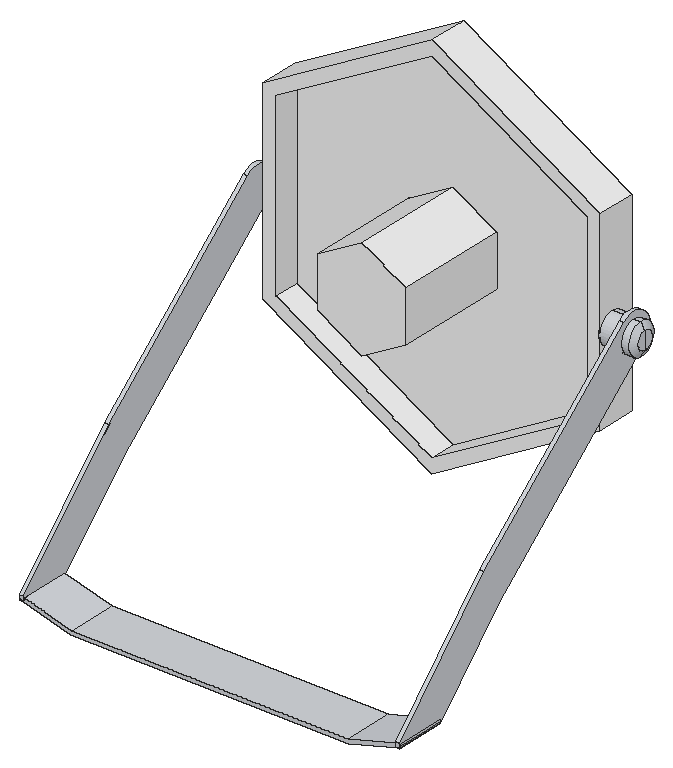
Revit family "Lighting-Floodlights-GEWISS-ESALITE-FL-LED_20K_DALI", category Apparecchi per illuminazione, host Superficie, Revit 2019
Family settings
  Host = Superficie
  Quota connettore circolare = Usa diametro
  Tipo di parte = Normale
  Taglio con vuoti quando caricato = No
  Sorgente d'illuminazione = Sì
  Condiviso = No
  Punto di calcolo locali = Sì
Parameters (values of type "GWS6445GD - ESALITE 20K ELL.4000K PRO+V.GR.DALI")
  staffa = none
  Weight (kg): = "9,5"
  Wattage = 9.2903 W
  Warranty = "5 years"
  Voltage = "220/240 V - 50/60 Hz"
  Versions = "4000K natural light"
  Version file RFA = "20.11"
  Variazione temperatura colore lampada con luminosità attenuata = (empty or 0)
  VISIBILITA' SIMBOLO [instance] = yes
  VISIBILITA' LAMPADA PIANTA-LATERALE [instance] = not(VISIBILITA' SIMBOLO)  # no
  VISIBILITA' ETICHETTA [instance] = yes
  V = 0 V
  URL = "https://www.gewiss.com/ww/en"
  built-in parameter 1150107 = 3200 (stored number, unit not read)
  Technical sheet = "https://www.gewiss.com/ww/en/search?q=GWS6445GD"
  System power = "148W"
  Spostamento_y_effettivo_ET [instance] = 4000 mm - Spostamento_y_ET  # 2119.2 mm
  Spostamento_y_ET [instance] = 1880.8 mm
  Spostamento_X_effettivo_ET [instance] = 4000 mm - Spostamento_X_ET  # 3850.612 mm
  Spostamento_X_ET [instance] = 149.388 mm
  Shock resistance = "IK08"
  Shield type = "Tempered glass"
  SEO = "Floodlight"
  Realized by GEWISS S.p.A. = ""
  Default Elevation = 1219.2 mm
  Produttore = "GEWISS S.p.A."
  Potenza di sitema = "Wxxx"
  built-in parameter 1150110 = 1 (stored number, unit not read)
  built-in parameter 1150109 = 1 (stored number, unit not read)
  built-in parameter 1114218 = 1 (stored number, unit not read)
  built-in parameter 1150112 = 1 (stored number, unit not read)
  Overvoltage resistance : = "Common mode: 8KV; Differential mode: 6KV"
  Optic = "Elliptical"
  Operating temperature: = "-30 +50 °C"
  Numero poli = 1
  Nominal flux (lm) = "20000"
  Modello = "GWS6445GD"
  built-in parameter 1150137 = (empty or 0)
  built-in parameter 1150132 = (empty or 0)
  Lumen output (lm) = "15800"
  Life time L90B10 (Tq 50Â°C) = "49000H"
  Life time L90B10 (Tq 25Â°C) = "100000H"
  Lamp = "LED - Not replaceable"
  LED current. = "0,7A"
  built-in parameter 1150105 = 109.82 (stored number, unit not read)
  built-in parameter 1150102 = (empty or 0)
  Insulation class = "I"
  Immagine tipo = ESALITE_FL.jpg
  built-in parameter 1150106 = 1.0982 (stored number, unit not read)
  IP degree = "IP66"
  IDT = "004a6af8eacc4455a9f3b8bb677cfc2d"
  IDF = "78a9ccb8-0bf7-4465-9611-fc90ba9dccba"
  Lumens = 1380 lm
  Color Filter = 16777215
  File diagramma fotometrico = "GWS6445GD.IES"
  built-in parameter 1114217 = 1 (stored number, unit not read)
  built-in parameter 1150139 = (empty or 0)
  Emetti da lunghezza linea = 20 mm
  Electrocod = "2444"
  Efficiency class of integrated LEDs = "A ÷ A++"
  built-in parameter 1150104 = 13.8 (stored number, unit not read)
  Driver type = "Driver Led Dali"
  built-in parameter 1150115 = 1 (stored number, unit not read)
  built-in parameter 1150114 = 1 (stored number, unit not read)
  built-in parameter 1150113 = 1 (stored number, unit not read)
  Descrizione = "ESALITE 20K ELL.4000K PRO+V.GR.DALI"
  Colour temperature: = "4000 K (CRI>80)"
  Colour = "Grey RAL 9006"
  built-in parameter 1150134 = 3
  built-in parameter 1150138 = (empty or 0)
  Catalogue Range = "ESALITE FL - 20K"
  Catalogue = "LIGHTING"
  COBie.Tagnumber = ""
  COBie.CreatedOn = ""
  COBie.CreatebBy = ""
  COBie.ComponentRegisterItemID = ""
  COBie.Component.TagNumber = ""
  COBie.Component.Space = ""
  COBie.Component.SerialNumber = ""
  COBie.Component.InstallationDate = ""
  COBie.Component.Description = ""
  COBie.Component.BarCode = ""
  Application = "Indoor / Outdoor"
  Tilt Angle = -90.00°
  built-in parameter 1150133 = 10 (stored number, unit not read)
Types (12, lengths in mm): name | Versions | Technical sheet | Spostamento_X_effettivo_ET | Spostamento_X_ET | Optic | Nominal flux (lm) | Modello | Lumen output (lm) | IDT | File diagramma fotometrico | Descrizione | Colour temperature:
  GWS6442GD - ESALITE 20K 30° 4000K PRO+V.GR.DALI | "4000K natural light" | "https://www.gewiss.com/ww/en/search?q=GWS6442GD" | 3850.612 | 149.388 | "30°" | "20000" | "GWS6442GD" | "15500" | "74fe7ec8ca5a4c288f741cfc2e151036" | "GWS6442GD.IES" | "ESALITE 20K 30° 4000K PRO+V.GR.DALI" | "4000 K (CRI>80)"
  GWS6442GD30K - ESALITE 20K 30° 3000K PRO+V.GR.DALI | "3000K warm light" | "https://www.gewiss.com/ww/en/search?q=GWS6442GD30K" | 3850.612 | 149.388 | "30°" | "18000" | "GWS6442GD30K" | "14400" | "7f19f35416a249f3a85deb445c0de3ca" | "GWS6442GD30K.IES" | "ESALITE 20K 30° 3000K PRO+V.GR.DALI" | "3000 K (CRI>80)"
  GWS6442GD57K - ESALITE 20K 30° 5700K PRO+V.GR.DALI | "5700K cold light" | "https://www.gewiss.com/ww/en/search?q=GWS6442GD57K" | 3850.612 | 149.388 | "30°" | "20000" | "GWS6442GD57K" | "15500" | "c21faea3f7894c688b282fc82b51f47a" | "GWS6442GD57K.IES" | "ESALITE 20K 30° 5700K PRO+V.GR.DALI" | "5700 K (CRI>80)"
  GWS6443GD - ESALITE 20K 60° 4000K PRO+V.GR.DALI | "4000K natural light" | "https://www.gewiss.com/ww/en/search?q=GWS6443GD" | 3850.612 | 149.388 | "60°" | "20000" | "GWS6443GD" | "15800" | "01c9b2f5c7f74ef19ea6e6f2c101dc17" | "GWS6443GD.IES" | "ESALITE 20K 60° 4000K PRO+V.GR.DALI" | "4000 K (CRI>80)"
  GWS6443GD30K - ESALITE 20K 60° 3000K PRO+V.GR.DALI | "3000K warm light" | "https://www.gewiss.com/ww/en/search?q=GWS6443GD30K" | 3850.612 | 149.388 | "60°" | "18000" | "GWS6443GD30K" | "14700" | "a70aa061fa674172b8527b0303c9c38c" | "GWS6443GD30K.IES" | "ESALITE 20K 60° 3000K PRO+V.GR.DALI" | "3000 K (CRI>80)"
  GWS6443GD57K - ESALITE 20K 60° 5700K PRO+V.GR.DALI | "5700K cold light" | "https://www.gewiss.com/ww/en/search?q=GWS6443GD57K" | 3850.612 | 149.388 | "60°" | "20000" | "GWS6443GD57K" | "15800" | "46456be7e51143a8af5f3f8d8a186571" | "GWS6443GD57K.IES" | "ESALITE 20K 60° 5700K PRO+V.GR.DALI" | "5700 K (CRI>80)"
  GWS6444GD - ESALITE 20K 90° 4000K PRO+V.GR.DALI | "4000K natural light" | "https://www.gewiss.com/ww/en/search?q=GWS6444GD" | 3850.612 | 149.388 | "90°" | "20000" | "GWS6444GD" | "16800" | "1ffc7ff741934a15a4a6779e2344e6b0" | "GWS6444GD.IES" | "ESALITE 20K 90° 4000K PRO+V.GR.DALI" | "4000 K (CRI>80)"
  GWS6444GD30K - ESALITE 20K 90° 3000K PRO+V.GR.DALI | "3000K warm light" | "https://www.gewiss.com/ww/en/search?q=GWS6444GD30K" | 3850.612 | 149.388 | "90°" | "18000" | "GWS6444GD30K" | "15600" | "3ee9650593be4f9d86db4c814fd3f921" | "GWS6444GD30K.IES" | "ESALITE 20K 90° 3000K PRO+V.GR.DALI" | "3000 K (CRI>80)"
  GWS6444GD57K - ESALITE 20K 90° 5700K PRO+V.GR.DALI | "5700K cold light" | "https://www.gewiss.com/ww/en/search?q=GWS6444GD57K" | 3850.612 | 149.388 | "90°" | "20000" | "GWS6444GD57K" | "16800" | "1e055781162a4bc1baae4b47b064ab99" | "GWS6444GD57K.IES" | "ESALITE 20K 90° 5700K PRO+V.GR.DALI" | "5700 K (CRI>80)"
  GWS6445GD - ESALITE 20K ELL.4000K PRO+V.GR.DALI | "4000K natural light" | "https://www.gewiss.com/ww/en/search?q=GWS6445GD" | 3850.612 | 149.388 | "Elliptical" | "20000" | "GWS6445GD" | "15800" | "004a6af8eacc4455a9f3b8bb677cfc2d" | "GWS6445GD.IES" | "ESALITE 20K ELL.4000K PRO+V.GR.DALI" | "4000 K (CRI>80)"
  GWS6445GD30K - ESALITE 20K ELL.3000K PRO+V.GR.DALI | "3000K warm light" | "https://www.gewiss.com/ww/en/search?q=GWS6445GD30K" | 3850.612 | 149.388 | "Elliptical" | "18000" | "GWS6445GD30K" | "14700" | "938e920e7c9246f9860fee6eda662362" | "GWS6445GD30K.IES" | "ESALITE 20K ELL.3000K PRO+V.GR.DALI" | "3000 K (CRI>80)"
  GWS6445GD57K - ESALITE 20K ELL.5700K PRO+V.GR.DALI | "5700K cold light" | "https://www.gewiss.com/ww/en/search?q=GWS6445GD57K" | 3850.6 | 149.4 | "Elliptical" | "20000" | "GWS6445GD57K" | "15800" | "c50ac844bd9248d5ac477fd712a3836e" | "GWS6445GD57K.IES" | "ESALITE 20K ELL.5700K PRO+V.GR.DALI" | "5700 K (CRI>80)"
Reference planes
  plane 1 "Centro (Fronte/Retro)": y = 0
  plane 2: z = 0
  plane 3 "Centro (Sinistra/Destra)": x = 0
  plane 4: z = 123
  plane 5: x = 0
  plane 6: x = -3850.612
  plane 7: y = -2119.2
  plane 8: y = 0
  plane 9: through (-1779.2, -702.001, 1219.2) normal (0.4695, 0.8829, 0)
  plane 10: through (203.705, -1575.119, 1219.2) normal (-0.866, 0.5, 0)
  plane 11: x = -235.613
  plane 12: x = 230.804
  plane 13: y = 188.046
  plane 14: y = -188.046
  plane 15: x = 235.613
  plane 16: x = -287.654
  plane 17: z = 285.229
Forms (mm)
  Extrusion 1, solid, material <- "staffa"
    sketch origin (80, 0, 0) x (0, 1, 0) y (0, 0, -1)
      loop
        arc (165.701, -304.396) -> (196.85, -301.627) -> (194.11, -270.474) r 22.123
        line (194.11, -270.474) -> (-9.063, -99.991) -> (-92.184, -15.381) -> (-147.703, -15.381) -> (-147.703, -20.3) -> (-29.601, -140.518) -> (165.701, -304.396)
    from 287.654 to 292.463
  Extrusion 2, solid, material <- "staffa"
    sketch origin (0, 0, 0) x (1, 0, 0) y (0, 0, 1)
      loop
        line (-210.907, 15.044) -> (-155.301, 0) -> (155.629, 0) -> (211.236, 15.044)
        arc (211.236, 15.044) -> (212.133, 15.646) -> (212.479, 16.669) r 1.683
        line (212.479, 16.669) -> (212.479, 19.259) -> (207.67, 19.259) -> (154.261, 4.809) -> (-153.932, 4.809) -> (-207.341, 19.259) -> (-212.151, 19.259) -> (-212.151, 16.669)
        arc (-212.151, 16.669) -> (-211.804, 15.646) -> (-210.907, 15.044) r 1.683
    from 92.231 to 147.703
  Revolve 3, solid, not visible
    sketch origin (80, 179.315, 13.188) x (1, 0, 0) y (0, 0, 1)
      loop
        line (-304.219, 272.041) -> (-304.219, 262.041) -> (-299.896, 254.554) -> (-266.552, 254.554) -> (-266.552, 272.041) -> (-304.219, 272.041)
      axis (-304.219, 272.041) -> (-266.552, 272.041)
    angle from 0 to 360
  Revolve 4, solid
    sketch origin (-78.734, 179.315, 13.188) x (-1, 0, 0) y (0, 0, -1)
      loop
        line (-304.219, -272.041) -> (-266.552, -272.041) -> (-266.552, -254.554) -> (-299.896, -254.554) -> (-304.219, -262.041) -> (-304.219, -272.041)
      axis (-304.219, -272.041) -> (-266.552, -272.041)
    angle from 0 to 360
  Extrusion 5, solid, material <- "staffa"
    sketch origin (-80, 0, 0) x (0, 1, 0) y (0, 0, 1)
      loop
        line (165.701, 304.396) -> (-29.601, 140.518) -> (-147.703, 20.3) -> (-147.703, 15.381) -> (-92.184, 15.381) -> (-9.063, 99.991) -> (194.11, 270.474)
        arc (194.11, 270.474) -> (196.85, 301.627) -> (165.701, 304.396) r 22.123
    from 287.654 to 292.463
Text (mm)
  text "B-A=C" at (-2005.323, -1167.131, 0), in view "Livello rif."
  text "D+A-C=B" at (1746.792, 582.509, 0), in view "Livello rif."
Dimensions and locks
  "Spostamento_X_effettivo_ET": plane 6 to plane 5
  plane 6 to plane 3 "Centro (Sinistra/Destra)" = 3850.612 mm
  "Spostamento_y_effettivo_ET": plane 8 to plane 7
  plane 1 "Centro (Fronte/Retro)" to plane 7 = 2119.2 mm
  plane 11 to plane 12 = 466.417 mm
  plane 13 to plane 14 = 376.092 mm
  plane 12 to plane 15 = 4.809 mm
  plane 12 to plane 5 to plane 11 = 230.804 mm, 235.613 mm
  equal spacing: plane 11, plane 3 "Centro (Sinistra/Destra)", plane 15
  angle plane 9 to plane 7 = 28.00°
  angle plane 7 to plane 6 = 90.00°
  aligned and locked: plane 2 to host face
  aligned and locked: level to host face
  aligned and locked: plane 3 "Centro (Sinistra/Destra)" to imposter light
  aligned and locked: plane 5 to nested 1
  aligned and locked: nested 1 to plane 8
  aligned and locked: plane 5 to nested 5
  aligned and locked: plane 17 to nested 6
  aligned and locked: nested 6 to nested 2
  aligned and locked: plane 5 to nested 7
  aligned and locked: nested 8 to plane 2
  aligned and locked: nested 8 to nested 2
Automatic sketch dimensions
  host sketch curve to host sketch curve = 2438.4 mm  (x2)
  level to Extrusion 1 sketch curve = 15.381 mm
  plane 14 to Extrusion 1 sketch curve = 40.343 mm
  Extrusion 1 sketch curve to Extrusion 1 sketch curve = 55.519 mm
  plane 1 "Centro (Fronte/Retro)" to Extrusion 1 sketch curve = 29.601 mm
  plane 1 "Centro (Fronte/Retro)" to Extrusion 1 sketch curve = 9.063 mm
  Extrusion 1 sketch curve to plane 13 = 22.346 mm
  Extrusion 1 sketch curve to plane 17 = 2.193 mm
  Extrusion 1 sketch curve to plane 13 = 8.156 mm
  Extrusion 1 sketch curve to plane 17 = 19.167 mm
  Extrusion 1 sketch curve to plane 4 = 17.518 mm
  plane 4 to Extrusion 1 sketch curve = 23.009 mm
  Extrusion 1 sketch curve to Extrusion 1 sketch curve = 4.919 mm
  plane 13 to Extrusion 1 sketch curve = 6.064 mm
  Extrusion 1 sketch curve to Extrusion 1 sketch curve = 0 mm  (x2)
  plane 16 to Extrusion 2 sketch curve = 80.312 mm
  Extrusion 2 sketch curve to level = 0 mm
  plane 11 to Extrusion 2 sketch curve = 80.312 mm
  plane 16 to Extrusion 2 sketch curve = 77.186 mm
  Extrusion 2 sketch curve to Extrusion 2 sketch curve = 0.44 mm
  Extrusion 2 sketch curve to Extrusion 2 sketch curve = 1.683 mm
  plane 11 to Extrusion 2 sketch curve = 81.681 mm
  level to Extrusion 2 sketch curve = 4.809 mm
  Extrusion 2 sketch curve to plane 12 = 76.543 mm
  Extrusion 2 sketch curve to Extrusion 2 sketch curve = 1.369 mm
  Extrusion 2 sketch curve to plane 12 = 23.134 mm
  plane 15 to Extrusion 2 sketch curve = 24.817 mm
  plane 15 to Extrusion 2 sketch curve = 24.377 mm
  plane 15 to Extrusion 2 sketch curve = 23.134 mm
  level to Extrusion 2 sketch curve = 15.044 mm  (x2)
  Extrusion 2 sketch curve to Extrusion 2 sketch curve = 2.59 mm  (x2)
  Revolve 3 sketch curve to plane 17 = 0 mm  (x2)
  plane 11 to Revolve 3 sketch curve = 11.394 mm
  Revolve 3 sketch curve to Revolve 3 sketch curve = 4.323 mm
  Revolve 3 sketch curve to Revolve 3 sketch curve = 33.345 mm
  plane 17 to Revolve 3 sketch curve = 10 mm
  plane 17 to Revolve 3 sketch curve = 17.487 mm
  Revolve 3 sketch curve to Revolve 3 sketch curve = 0 mm  (x2)
  Revolve 4 sketch curve to plane 17 = 0 mm  (x2)
  Revolve 4 sketch curve to plane 12 = 5.319 mm
  Revolve 4 sketch curve to Revolve 4 sketch curve = 4.323 mm
  Revolve 4 sketch curve to Revolve 4 sketch curve = 33.345 mm
  plane 17 to Revolve 4 sketch curve = 10 mm
  Revolve 4 sketch curve to Revolve 4 sketch curve = 7.487 mm
  Revolve 4 sketch curve to Revolve 4 sketch curve = 0 mm  (x2)
  level to Extrusion 5 sketch curve = 15.381 mm
  plane 14 to Extrusion 5 sketch curve = 40.343 mm
  Extrusion 5 sketch curve to Extrusion 5 sketch curve = 55.519 mm
  plane 1 "Centro (Fronte/Retro)" to Extrusion 5 sketch curve = 29.601 mm
  plane 1 "Centro (Fronte/Retro)" to Extrusion 5 sketch curve = 9.063 mm
  Extrusion 5 sketch curve to plane 13 = 22.346 mm
  Extrusion 5 sketch curve to plane 17 = 2.193 mm
  Extrusion 5 sketch curve to plane 13 = 8.156 mm
  Extrusion 5 sketch curve to Extrusion 5 sketch curve = 4.919 mm
  plane 4 to Extrusion 5 sketch curve = 23.009 mm
  Extrusion 5 sketch curve to plane 4 = 17.518 mm
  Extrusion 5 sketch curve to plane 17 = 19.167 mm
  plane 13 to Extrusion 5 sketch curve = 6.064 mm
  Extrusion 5 sketch curve to Extrusion 5 sketch curve = 0 mm  (x2)
Nested families
  nested 1: "etichetta Potenza Lampada" at (0, 0, 0), visible <- "VISIBILITA' ETICHETTA", type "etichetta Potenza Lampada"
  nested 2: "ESALITE FL 20K PROIETTORE_BASE" at (0, 10, 297.451) x (0, 0, 1) z (0, 1, 0), type "ESALITE FL 20K PROIETTORE_BASE"
  nested 3: "SIMB_2D" at (0, 65, 0), visible <- "VISIBILITA' SIMBOLO", type "SIMB_2D"
  nested 4: "SIMB_2D" at (0, 0, 298.451) x (1, 0, 0) z (0, -1, 0), visible <- "VISIBILITA' SIMBOLO", type "SIMB_2D"
  nested 5: "FL_20k_front" at (0, 0, 0) x (1, 0, 0) z (0, -1, 0), visible <- "VISIBILITA' LAMPADA PIANTA-LATERALE", type "FL_20k_front"
  nested 6: "SIMB_2D" at (0, 95.461, 285.229) x (0, 1, 0) z (1, 0, 0), visible <- "VISIBILITA' SIMBOLO", type "SIMB_2D"
  nested 7: "Dal basso - FL" at (0, 49.748, 0), visible <- "VISIBILITA' LAMPADA PIANTA-LATERALE", type "Dal basso - FL"
  nested 8: "Laterale - FL" at (0, 164.69, 0) x (0, 1, 0) z (1, 0, 0), visible <- "VISIBILITA' LAMPADA PIANTA-LATERALE", type "Laterale - FL"
Connectors
  electrical at (-0.185, 65, 297.509), driven by "V", driven by "Numero poli"
    settings: on nested 2, index 1, voltage 0 V, apparent load 0 VA, apparent load phase1 0 VA, apparent load phase2 0 VA, apparent load phase3 0 VA, power factor 1, load classification "Illuminazione", number of poles 1, system type 31, power factor state 1, is connector primary yes, connector utility no, sub classification motor no, connector description ""
Definition of nested family "ESALITE FL 20K PROIETTORE_BASE"
  Parameters (values of type "ESALITE FL 20K PROIETTORE_BASE")
    Schermatura interna = none
    Default Elevation = 1219.2 mm
    LED = none
    Corpo luce = none
  Reference planes
    plane 1 "Centro (Fronte/Retro)": y = 0
    plane 2: z = 0
    plane 3 "Centro (Sinistra/Destra)": x = 0
    plane 4: x = -145.163
    plane 5: x = 145.28
    plane 6: y = 126.226
    plane 7: y = -125.856
    plane 8: y = 55.469
    plane 9: y = -55.099
    plane 10: x = -63.671
    plane 11: x = 63.788
    plane 12: y = -123.856
    plane 13: y = 124.226
    plane 14: y = -112.535
    plane 15: y = 112.905
    plane 16: y = -22
    plane 17: y = 22
    plane 18: y = -108.017
    plane 19: y = 108.387
    plane 20: through (-28.293, 49.29, 1200) normal (0.866, -0.5, 0)
    plane 21: y = 49.29
    plane 22: through (28.409, 49.29, 1200) normal (0.866, 0.5, 0)
    plane 23: through (28.409, -48.92, 1200) normal (-0.866, 0.5, 0)
    plane 24: y = -48.92
    plane 25: through (-56.644, 0.185, 1200) normal (0.866, 0.5, 0)
    plane 26: through (-31.86, 55.469, 1200) normal (0.866, -0.5, 0)
    plane 27: through (-63.778, 0.185, 1200) normal (0.866, 0.5, 0)
    plane 28: y = -55.099
    plane 29: through (63.894, 0.185, 1200) normal (0.866, -0.5, 0)
    plane 30: through (63.894, 0.185, 1200) normal (-0.866, -0.5, 0)
    plane 31: y = 55.469
    plane 32: z = 123.439
    plane 33: through (-65.51, 1.185, 1200) normal (-0.866, 0.5, 0)
    plane 34: through (-33.592, -56.099, 1200) normal (-0.866, -0.5, 0)
    plane 35: through (-65.51, 1.185, 1200) normal (-0.866, 0.5, 0)
    plane 36: y = 57.469
    plane 37: through (33.708, 56.469, 1200) normal (0.866, 0.5, 0)
    plane 38: through (65.626, -0.815, 1200) normal (0.866, -0.5, 0)
    plane 39: y = -57.099
    plane 40: y = -1
    plane 41: y = 1
    plane 42: x = -1
    plane 43: x = 0
    plane 44: y = 105.387
    plane 45: y = -105.017
    plane 46: z = 130
    plane 47: y = -103.017
    plane 48: y = 103.387
    plane 49: x = 1
    plane 50: through (-108.857, 187.546, 1200) normal (0.866, -0.5, 0)
    plane 51: y = 188.046
    plane 52: y = 174.478
    plane 53: through (-101.456, 173.228, 1200) normal (0.866, -0.5, 0)
    plane 54: through (-216.848, -0.5, 1200) normal (0.866, 0.5, 0)
    plane 55: through (-200.748, -1.25, 1200) normal (0.866, 0.5, 0)
    plane 56: y = -188.046
    plane 57: y = -174.478
    plane 58: y = 188.046
    plane 59: y = 174.478
    plane 60: through (200.748, 1.25, 1200) normal (-0.866, -0.5, 0)
    plane 61: through (216.848, 0.5, 1200) normal (-0.866, -0.5, 0)
    plane 62: through (108.857, -187.546, 1200) normal (-0.866, 0.5, 0)
    plane 63: through (101.456, -173.228, 1200) normal (-0.866, 0.5, 0)
    plane 64: z = 89
    plane 65: z = 134
    plane 66: z = 108.133
    plane 67: z = 123.439
    plane 68: z = 117.439
    plane 69: z = 128.439
    plane 70: z = 27.205
    plane 71: z = 152.205
    plane 72: z = 197.205
    plane 73: z = 199.205
    plane 74: z = 192.205
    plane 75: z = 182.205
    plane 76: z = 187.205
    plane 77: z = 184.113
  Forms (mm)
    Extrusion 1, solid, material <- "Corpo luce"
      sketch origin (0, 0, 0) x (1, 0, 0) y (0, 1, 0)
        loop
          line (-28.293, 49.29) -> (-56.644, 0.185) -> (-28.293, -48.92) -> (28.409, -48.92) -> (56.76, 0.185) -> (28.409, 49.29) -> (-28.293, 49.29)
      from 199.205 to 55
    Extrusion 2, solid, material <- "Corpo luce"
      sketch origin (0, 0, 0) x (1, 0, 0) y (0, 1, 0)
        loop
          line (108.568, -188.046) -> (217.137, 0) -> (108.568, 188.046) -> (-108.568, 188.046) -> (-217.137, 0) -> (-108.568, -188.046) -> (108.568, -188.046)
        loop
          line (100.735, -174.478) -> (201.47, 0) -> (100.735, 174.478) -> (-100.735, 174.478) -> (-201.47, 0) -> (-100.735, -174.478) -> (100.735, -174.478)
      from 152.205 to 197.205
    Extrusion 3, solid, material <- "Corpo luce"
      sketch origin (0, 0, 0) x (1, 0, 0) y (0, 1, 0)
        loop
          line (-201.47, 0) -> (-100.735, -174.478) -> (100.735, -174.478) -> (201.47, 0) -> (100.735, 174.478) -> (-100.735, 174.478) -> (-201.47, 0)
        loop
          line (-28.293, 49.29) -> (-56.644, 0.185) -> (-28.293, -48.92) -> (28.409, -48.92) -> (56.76, 0.185) -> (28.409, 49.29) -> (-28.293, 49.29)
      from 182.205 to 192.205
    Extrusion 4, void
      sketch origin (0, 0, 0) x (1, 0, 0) y (0, 1, 0)
        loop
          line (-100.597, 148.72) -> (-179.094, 12.76)
          arc (-179.094, 12.76) -> (-179.103, 5.255) -> (-172.606, 1.5) r 7.499
          line (-172.606, 1.5) -> (-96.117, 1.5)
          arc (-96.117, 1.5) -> (-93.617, 2.17) -> (-91.787, 4) r 4.999
          line (-91.787, 4) -> (-49.357, 77.49)
          arc (-49.357, 77.49) -> (-48.687, 79.99) -> (-49.357, 82.49) r 4.999
          line (-49.357, 82.49) -> (-87.608, 148.742)
          arc (-87.608, 148.742) -> (-94.109, 152.481) -> (-100.597, 148.72) r 7.499
        loop
          line (78.51, 161.48) -> (-78.51, 161.48)
          arc (-78.51, 161.48) -> (-85.001, 157.736) -> (-85.01, 150.242) r 7.499
          line (-85.01, 150.242) -> (-46.759, 83.99)
          arc (-46.759, 83.99) -> (-44.93, 82.16) -> (-42.43, 81.49) r 4.999
          line (-42.43, 81.49) -> (42.43, 81.49)
          arc (42.43, 81.49) -> (44.93, 82.16) -> (46.759, 83.99) r 4.999
          line (46.759, 83.99) -> (84.998, 150.22)
          arc (84.998, 150.22) -> (85.007, 157.725) -> (78.51, 161.48) r 7.499
        loop
          arc (49.357, 82.49) -> (48.687, 79.99) -> (49.357, 77.49) r 4.999
          line (49.357, 77.49) -> (91.787, 4)
          arc (91.787, 4) -> (93.617, 2.17) -> (96.117, 1.5) r 4.999
          line (96.117, 1.5) -> (172.606, 1.5)
          arc (172.606, 1.5) -> (179.103, 5.255) -> (179.094, 12.76) r 7.499
          line (179.094, 12.76) -> (100.597, 148.72)
          arc (100.597, 148.72) -> (94.109, 152.481) -> (87.608, 148.742) r 7.499
          line (87.608, 148.742) -> (49.357, 82.49)
        loop
          line (49.357, -82.489) -> (87.608, -148.742)
          arc (87.608, -148.742) -> (94.109, -152.48) -> (100.597, -148.72) r 7.499
          line (100.597, -148.72) -> (179.094, -12.759)
          arc (179.094, -12.759) -> (179.103, -5.255) -> (172.606, -1.5) r 7.499
          line (172.606, -1.5) -> (96.117, -1.5)
          arc (96.117, -1.5) -> (93.617, -2.169) -> (91.787, -3.999) r 4.999
          line (91.787, -3.999) -> (49.357, -77.49)
          arc (49.357, -77.49) -> (48.687, -79.99) -> (49.357, -82.489) r 4.999
        loop
          arc (-42.43, -81.489) -> (-44.93, -82.159) -> (-46.759, -83.989) r 4.999
          line (-46.759, -83.989) -> (-85.01, -150.242)
          arc (-85.01, -150.242) -> (-85.001, -157.735) -> (-78.51, -161.479) r 7.499
          line (-78.51, -161.479) -> (78.51, -161.479)
          arc (78.51, -161.479) -> (85.007, -157.724) -> (84.998, -150.22) r 7.499
          line (84.998, -150.22) -> (46.759, -83.989)
          arc (46.759, -83.989) -> (44.93, -82.159) -> (42.43, -81.489) r 4.999
          line (42.43, -81.489) -> (-42.43, -81.489)
        loop
          arc (-91.787, -3.999) -> (-93.617, -2.169) -> (-96.117, -1.5) r 4.999
          line (-96.117, -1.5) -> (-172.606, -1.5)
          arc (-172.606, -1.5) -> (-179.097, -5.244) -> (-179.107, -12.737) r 7.499
          line (-179.107, -12.737) -> (-100.584, -148.742)
          arc (-100.584, -148.742) -> (-94.096, -152.48) -> (-87.608, -148.742) r 7.499
          line (-87.608, -148.742) -> (-49.357, -82.489)
          arc (-49.357, -82.489) -> (-48.687, -79.99) -> (-49.357, -77.49) r 4.999
          line (-49.357, -77.49) -> (-91.787, -3.999)
      from 187.205 to 192.205
  Cuts and joins
    Extrusion 4 cuts Extrusion 3
  Lines and regions (mm)
    symbolic lines
      curve 1: line (0, 188.046, 0) -> (0, 193.046, 0)
  Dimensions and locks
    locked: plane 6 to plane 13 at 2
    locked: plane 7 to plane 12 at 2
    locked: plane 15 to plane 13 at 11.321
    locked: plane 12 to plane 14 at 11.321
    plane 4 to plane 5 = 290.443 mm
    plane 7 to plane 6 = 252.082 mm
    Extrusion 1 to plane 70 = 172 mm
    plane 72 to plane 71 = 45 mm
    locked: plane 72 to plane 74 at 5
    locked: plane 74 to plane 75 at 10
    locked: plane 74 to plane 76 at 5
    locked: plane 76 to plane 77 at 3.092
    aligned and locked: level to plane 2
    aligned and locked: Extrusion 1 to plane 73
    aligned and locked: Extrusion 2 to plane 72
    aligned and locked: plane 71 to Extrusion 2
    aligned and locked: Extrusion 3 to plane 74
    aligned and locked: Extrusion 3 to plane 75
    aligned and locked: Extrusion 3 to Extrusion 4
    aligned and locked: plane 76 to Extrusion 4
Definition of nested family "etichetta Potenza Lampada"
  Parameters (values of type "etichetta Potenza Lampada")
    potenza lampada = "Wxxx"
  Reference planes
    plane 1: y = 0
    plane 2: x = 0
  Text (mm)
    label "QE" at (0.073, -0.194, 0), shows "potenza lampada"
Definition of nested family "SIMB_2D"
  Reference planes
    plane 1 "Centro (Fronte/Retro)": y = 0
    plane 2: z = 0
    plane 3 "Centro (Sinistra/Destra)": x = 0
  Lines and regions (mm)
    detail lines, in view "Livello rif."
      curve 1: arc (111.745, -162.105, 0) -> (147.531, -0.161, 0) -> (111.745, 161.783, 0) r 384.317
      curve 2: arc (-22.999, -120.963, 0) -> (41.867, -149.74, 0) -> (111.745, -162.105, 0) r 293.432
      curve 3: arc (-22.999, 120.641, 0) -> (-85.303, -0.161, 0) -> (-22.999, -120.963, 0) r 148.264
      curve 4: arc (111.745, 161.783, 0) -> (41.867, 149.419, 0) -> (-22.999, 120.641, 0) r 293.432
      curve 5: line (111.745, 161.783, 0) -> (111.745, -162.105, 0)
      curve 6: line (64.515, -43.176, 0) -> (-21.885, -0.161, 0)
      curve 7: line (-21.885, -0.161, 0) -> (64.515, 43.371, 0)
      curve 8: line (64.515, 43.371, 0) -> (64.515, -43.176, 0)
      curve 9: line (-21.885, 43.113, 0) -> (-21.885, -43.434, 0)
      curve 10: line (-21.885, -0.161, 0) -> (-72.406, -0.161, 0)
      curve 11: line (64.515, 0.098, 0) -> (101.821, 0.098, 0)
Definition of nested family "FL_20k_front"
  Reference planes
    plane 1 "Centro (Fronte/Retro)": y = 0
    plane 2: z = 0
    plane 3 "Centro (Sinistra/Destra)": x = 0
  Lines and regions (mm)
    detail lines, in view "Livello rif."
      curve 1: line (-1.455, 533.77, 0) -> (-188.321, 425.882, 0)
      curve 2: arc (-188.321, 425.882, 0) -> (-188.681, 425.517, 0) -> (-188.812, 425.022, 0) r 0.999
      curve 3: line (-188.812, 425.022, 0) -> (-188.812, 209.258, 0)
      curve 4: arc (-188.812, 209.258, 0) -> (-188.681, 208.763, 0) -> (-188.321, 208.398, 0) r 0.999
      curve 5: line (-188.321, 208.398, 0) -> (-1.455, 100.51, 0)
      curve 6: arc (-1.455, 100.51, 0) -> (-0.955, 100.377, 0) -> (-0.456, 100.51, 0) r 0.999
      curve 7: line (-0.456, 100.51, 0) -> (186.41, 208.398, 0)
      curve 8: arc (186.41, 208.398, 0) -> (186.77, 208.763, 0) -> (186.901, 209.258, 0) r 0.999
      curve 9: line (186.901, 209.258, 0) -> (186.901, 425.022, 0)
      curve 10: arc (186.901, 425.022, 0) -> (186.765, 425.526, 0) -> (186.393, 425.892, 0) r 0.999
      curve 11: line (186.393, 425.892, 0) -> (-0.456, 533.77, 0)
      curve 12: arc (-0.456, 533.769, 0) -> (-0.955, 533.903, 0) -> (-1.455, 533.77, 0) r 0.999
      curve 13: line (-174.009, 215.786, 0) -> (-2.213, 116.599, 0)
      curve 14: arc (-2.213, 116.599, 0) -> (-0.956, 116.259, 0) -> (0.302, 116.599, 0) r 2.497
      curve 15: line (0.302, 116.599, 0) -> (172.098, 215.786, 0)
      curve 16: arc (172.098, 215.786, 0) -> (173.012, 216.7, 0) -> (173.347, 217.948, 0) r 2.497
      curve 17: line (173.347, 217.948, 0) -> (173.347, 416.332, 0)
      curve 18: arc (173.347, 416.332, 0) -> (173.012, 417.58, 0) -> (172.098, 418.494, 0) r 2.497
      curve 19: line (172.098, 418.494, 0) -> (0.302, 517.681, 0)
      curve 20: arc (0.302, 517.681, 0) -> (-0.956, 518.02, 0) -> (-2.213, 517.681, 0) r 2.497
      curve 21: line (-2.213, 517.681, 0) -> (-174.009, 418.494, 0)
      curve 22: arc (-174.009, 418.494, 0) -> (-174.923, 417.58, 0) -> (-175.258, 416.332, 0) r 2.497
      curve 23: line (-175.258, 416.332, 0) -> (-175.258, 217.948, 0)
      curve 24: arc (-175.258, 217.948, 0) -> (-174.923, 216.7, 0) -> (-174.009, 215.786, 0) r 2.497
      curve 25: line (-162.272, 395.571, 0) -> (-162.272, 238.709, 0)
      curve 26: arc (-162.272, 238.709, 0) -> (-158.513, 232.214, 0) -> (-151.008, 232.237, 0) r 7.491
      curve 27: line (-151.008, 232.237, 0) -> (-84.842, 270.438, 0)
      curve 28: arc (-84.842, 270.438, 0) -> (-83.027, 272.265, 0) -> (-82.363, 274.753, 0) r 4.994
      curve 29: line (-82.363, 274.753, 0) -> (-82.363, 359.527, 0)
      curve 30: arc (-82.363, 359.527, 0) -> (-83.027, 362.015, 0) -> (-84.842, 363.842, 0) r 4.994
      curve 31: line (-84.842, 363.842, 0) -> (-151.008, 402.043, 0)
      curve 32: arc (-151.008, 402.043, 0) -> (-158.513, 402.066, 0) -> (-162.272, 395.571, 0) r 7.491
      curve 33: line (-78.368, 267.833, 0) -> (-4.933, 225.435, 0)
      curve 34: arc (-4.933, 225.435, 0) -> (-3.118, 223.608, 0) -> (-2.454, 221.12, 0) r 4.994
      curve 35: line (-2.454, 221.12, 0) -> (-2.454, 144.708, 0)
      curve 36: arc (-2.454, 144.708, 0) -> (-6.2, 138.22, 0) -> (-13.691, 138.22, 0) r 7.491
      curve 37: line (-13.691, 138.22, 0) -> (-149.537, 216.651, 0)
      curve 38: arc (-149.537, 216.651, 0) -> (-153.283, 223.154, 0) -> (-149.51, 229.642, 0) r 7.491
      curve 39: line (-149.51, 229.642, 0) -> (-83.362, 267.833, 0)
      curve 40: arc (-83.362, 267.832, 0) -> (-80.865, 268.502, 0) -> (-78.368, 267.832, 0) r 4.994
      curve 41: line (-4.969, 408.824, 0) -> (-78.368, 366.447, 0)
      curve 42: arc (-78.368, 366.447, 0) -> (-80.865, 365.778, 0) -> (-83.362, 366.447, 0) r 4.994
      curve 43: line (-83.362, 366.447, 0) -> (-149.563, 404.669, 0)
      curve 44: arc (-149.563, 404.669, 0) -> (-153.283, 411.157, 0) -> (-149.537, 417.629, 0) r 7.491
      curve 45: line (-149.537, 417.629, 0) -> (-13.691, 496.06, 0)
      curve 46: arc (-13.691, 496.06, 0) -> (-6.2, 496.06, 0) -> (-2.454, 489.572, 0) r 7.491
      curve 47: line (-2.454, 489.572, 0) -> (-2.454, 413.16, 0)
      curve 48: arc (-2.454, 413.16, 0) -> (-3.128, 410.654, 0) -> (-4.969, 408.824, 0) r 4.994
      curve 49: line (147.626, 417.629, 0) -> (11.78, 496.06, 0)
      curve 50: arc (11.78, 496.06, 0) -> (4.289, 496.06, 0) -> (0.543, 489.572, 0) r 7.491
      curve 51: line (0.543, 489.572, 0) -> (0.543, 413.16, 0)
      curve 52: arc (0.543, 413.16, 0) -> (1.217, 410.654, 0) -> (3.058, 408.824, 0) r 4.994
      curve 53: line (3.058, 408.824, 0) -> (76.457, 366.447, 0)
      curve 54: arc (76.457, 366.447, 0) -> (78.954, 365.778, 0) -> (81.451, 366.447, 0) r 4.994
      curve 55: line (81.451, 366.447, 0) -> (147.652, 404.669, 0)
      curve 56: arc (147.652, 404.669, 0) -> (151.372, 411.157, 0) -> (147.626, 417.629, 0) r 7.491
      curve 57: line (82.931, 363.842, 0) -> (149.097, 402.043, 0)
      curve 58: arc (149.097, 402.043, 0) -> (156.602, 402.066, 0) -> (160.361, 395.571, 0) r 7.491
      curve 59: line (160.361, 395.571, 0) -> (160.361, 238.709, 0)
      curve 60: arc (160.361, 238.709, 0) -> (156.602, 232.214, 0) -> (149.097, 232.237, 0) r 7.491
      curve 61: line (149.097, 232.237, 0) -> (82.931, 270.438, 0)
      curve 62: arc (82.931, 270.438, 0) -> (81.116, 272.265, 0) -> (80.452, 274.753, 0) r 4.994
      curve 63: line (80.452, 274.753, 0) -> (80.452, 359.527, 0)
      curve 64: arc (80.452, 359.527, 0) -> (81.116, 362.015, 0) -> (82.931, 363.842, 0) r 4.994
      curve 65: line (-190.74, 317.39, 0) -> (-213.215, 317.39, 0)
      curve 66: line (-190.74, 281.93, 0) -> (-190.74, 317.39, 0)
      curve 67: line (-190.74, 281.93, 0) -> (-213.215, 281.93, 0)
      curve 68: line (-213.215, 281.93, 0) -> (-213.215, 317.39, 0)
      curve 69: line (-216.211, 317.639, 0) -> (-223.781, 317.639, 0)
      curve 70: line (-223.781, 317.639, 0) -> (-227.998, 310.336, 0)
      curve 71: line (-227.998, 310.336, 0) -> (-227.998, 288.972, 0)
      curve 72: line (-227.998, 288.972, 0) -> (-223.932, 281.93, 0)
      curve 73: line (-223.932, 281.93, 0) -> (-216.211, 281.93, 0)
      curve 74: line (-216.211, 317.639, 0) -> (-216.211, 66.856, 0)
      curve 75: line (-216.211, 66.856, 0) -> (-149.355, 0, 0)
      curve 76: line (-149.355, 0, 0) -> (149.355, 0, 0)
      curve 77: line (-213.211, 317.639, 0) -> (-213.211, 68.099, 0)
      curve 78: line (-213.211, 68.099, 0) -> (-148.112, 3, 0)
      curve 79: line (-148.112, 3, 0) -> (148.112, 3, 0)
      curve 80: line (216.211, 317.639, 0) -> (216.211, 66.856, 0)
      curve 81: line (216.211, 66.856, 0) -> (149.355, 0, 0)
      curve 82: line (213.211, 317.639, 0) -> (213.211, 68.099, 0)
      curve 83: line (213.211, 68.099, 0) -> (148.112, 3, 0)
      curve 84: line (190.74, 317.39, 0) -> (213.215, 317.39, 0)
      curve 85: line (190.74, 281.93, 0) -> (190.74, 317.39, 0)
      curve 86: line (190.74, 281.93, 0) -> (213.215, 281.93, 0)
      curve 87: line (213.215, 281.93, 0) -> (213.215, 317.39, 0)
      curve 88: line (216.211, 317.639, 0) -> (223.781, 317.639, 0)
      curve 89: line (223.781, 317.639, 0) -> (227.998, 310.336, 0)
      curve 90: line (227.998, 310.336, 0) -> (227.998, 288.972, 0)
      curve 91: line (227.998, 288.972, 0) -> (223.932, 281.93, 0)
      curve 92: line (223.932, 281.93, 0) -> (216.211, 281.93, 0)
      curve 93: line (78.368, 267.833, 0) -> (4.933, 225.435, 0)
      curve 94: arc (4.933, 225.435, 0) -> (3.118, 223.608, 0) -> (2.454, 221.12, 0) r 4.994
      curve 95: line (2.454, 221.12, 0) -> (2.454, 144.708, 0)
      curve 96: arc (2.454, 144.708, 0) -> (6.2, 138.22, 0) -> (13.691, 138.22, 0) r 7.491
      curve 97: line (13.691, 138.22, 0) -> (149.537, 216.651, 0)
      curve 98: arc (149.537, 216.651, 0) -> (153.283, 223.154, 0) -> (149.51, 229.642, 0) r 7.491
      curve 99: line (149.51, 229.642, 0) -> (83.362, 267.833, 0)
      curve 100: arc (83.362, 267.832, 0) -> (80.865, 268.502, 0) -> (78.368, 267.832, 0) r 4.994
Definition of nested family "Dal basso - FL"
  Reference planes
    plane 1 "Centro (Fronte/Retro)": y = 0
    plane 2: z = 0
    plane 3 "Centro (Sinistra/Destra)": x = 0
  Lines and regions (mm)
    detail lines, in view "Livello rif."
      curve 1: arc (-0.027, 61.897, 0) -> (13.195, 62.033, 0) -> (26.411, 62.456, 0) r 608.279
      curve 2: arc (-26.412, 62.456, 0) -> (-13.222, 62.033, 0) -> (-0.027, 61.897, 0) r 608.273
      curve 3: arc (-187.362, 149.403, 0) -> (-187.357, 149.32, 0) -> (-187.345, 149.239, 0) r 0.974
      curve 4: arc (-26.422, 62.752, 0) -> (-26.601, 64.172, 0) -> (-27.031, 65.537, 0) r 8
      curve 5: arc (-5.142, 55.946, 0) -> (0, 55.274, 0) -> (5.142, 55.946, 0) r 20
      curve 6: arc (-1.069, 0, 0) -> (0, -0.025, 0) -> (1.069, 0, 0) r 22.5
      curve 7: arc (-209, 146.475, 0) -> (-208.707, 145.768, 0) -> (-208, 145.475, 0) r 1
      curve 8: line (211.762, 67.69, 0) -> (211.961, 67.773, 0)
      curve 9: line (211.961, 67.773, 0) -> (212.133, 67.868, 0)
      curve 10: line (212.133, 67.868, 0) -> (212.263, 67.962, 0)
      curve 11: line (213.656, 17.527, 0) -> (213.977, 17.655, 0)
      curve 12: line (213.977, 17.655, 0) -> (214.273, 17.794, 0)
      curve 13: line (214.273, 17.794, 0) -> (214.527, 17.936, 0)
      curve 14: line (214.527, 17.936, 0) -> (214.754, 18.087, 0)
      curve 15: line (214.754, 18.087, 0) -> (214.942, 18.235, 0)
      curve 16: line (214.942, 18.235, 0) -> (215.104, 18.39, 0)
      curve 17: line (215.104, 18.39, 0) -> (215.232, 18.539, 0)
      curve 18: line (215.232, 18.539, 0) -> (215.335, 18.692, 0)
      curve 19: line (215.335, 18.692, 0) -> (215.41, 18.839, 0)
      curve 20: line (215.462, 18.987, 0) -> (215.5, 19.262, 0)
      curve 21: line (-26.383, 61.637, 0) -> (-26.411, 62.456, 0)
      curve 22: line (-26.411, 62.456, 0) -> (-26.423, 62.777, 0)
      curve 23: line (5.142, 55.946, 0) -> (26.383, 61.637, 0)
      curve 24: line (-5.142, 55.946, 0) -> (-26.383, 61.637, 0)
      curve 25: line (-26.383, 61.637, 0) -> (-25.755, 43.659, 0)
      curve 26: line (-209, 146.475, 0) -> (-209, 148.092, 0)
      curve 27: line (-209, 148.092, 0) -> (-209, 148.344, 0)
      curve 28: line (-209, 148.344, 0) -> (-209, 152.975, 0)
      curve 29: line (-209, 152.975, 0) -> (-212, 152.975, 0)
      curve 30: line (-212, 152.975, 0) -> (-212, 148.827, 0)
      curve 31: line (-212, 148.827, 0) -> (-212.5, 148.827, 0)
      curve 32: line (-208, 145.475, 0) -> (-207, 145.475, 0)
      curve 33: line (-207, 145.475, 0) -> (-205, 145.475, 0)
      curve 34: line (-205, 145.475, 0) -> (-190, 145.475, 0)
      curve 35: line (-190, 145.475, 0) -> (-190, 118.475, 0)
      curve 36: line (-190, 118.475, 0) -> (-190, 117.964, 0)
      curve 37: line (-190, 117.964, 0) -> (-181.155, 117.964, 0)
      curve 38: line (-178.632, 113.327, 0) -> (-205, 113.327, 0)
      curve 39: line (-205, 113.327, 0) -> (-207, 113.327, 0)
      curve 40: line (-207, 113.327, 0) -> (-212, 113.327, 0)
      curve 41: line (-212, 113.327, 0) -> (-212.5, 113.327, 0)
      curve 42: line (-223.085, 112.475, 0) -> (-215.5, 112.475, 0)
      curve 43: line (-215.5, 112.475, 0) -> (-223.085, 112.475, 0)
      curve 44: line (-223.085, 112.475, 0) -> (-227.3, 119.777, 0)
      curve 45: line (-227.3, 119.777, 0) -> (-227.3, 141.175, 0)
      curve 46: line (-227.3, 141.175, 0) -> (-223.085, 148.475, 0)
      curve 47: line (-223.085, 148.475, 0) -> (-215.5, 148.475, 0)
      curve 48: line (-226.483, 142.587, 0) -> (-224.9, 145.33, 0)
      curve 49: line (-225.006, 145.132, 0) -> (-226.342, 142.813, 0)
      curve 50: line (-145.737, 43.659, 0) -> (145.737, 43.659, 0)
      curve 51: line (212.5, 67.959, 0) -> (145.737, 43.659, 0)
      curve 52: line (-165.5, 0, 0) -> (165.5, 0, 0)
      curve 53: line (215.5, 18.198, 0) -> (165.5, 0, 0)
      curve 54: line (215.5, 18.198, 0) -> (215.5, 68.384, 0)
      curve 55: line (215.5, 68.384, 0) -> (215.5, 150.475, 0)
      curve 56: line (212.5, 149.268, 0) -> (212.5, 67.959, 0)
      curve 57: line (-212.5, 67.959, 0) -> (-145.737, 43.659, 0)
      curve 58: line (-212.5, 67.959, 0) -> (-212.5, 150.475, 0)
      curve 59: line (-212.5, 150.475, 0) -> (-215.5, 150.475, 0)
      curve 60: line (-215.5, 150.475, 0) -> (-215.5, 68.384, 0)
      curve 61: line (-215.5, 68.384, 0) -> (-215.5, 18.198, 0)
      curve 62: line (-215.5, 18.198, 0) -> (-165.5, 0, 0)
      curve 63: line (-188.394, 189.81, 0) -> (188.394, 189.81, 0)
      curve 64: line (188.394, 189.81, 0) -> (188.394, 148.56, 0)
      curve 65: line (-188.394, 189.81, 0) -> (-188.394, 148.852, 0)
      curve 66: line (-80.012, 72.329, 0) -> (-157.75, 91.219, 0)
      curve 67: arc (-157.75, 91.219, 0) -> (-180.257, 116.215, 0) -> (-188.394, 148.852, 0) r 69.518
      curve 68: line (-80.012, 72.329, 0) -> (-27.031, 65.537, 0)
      curve 69: line (-188.393, 148.516, 0) -> (188.394, 148.516, 0)
      curve 70: line (80.012, 72.329, 0) -> (157.75, 91.219, 0)
      curve 71: arc (157.75, 91.219, 0) -> (180.257, 116.215, 0) -> (188.394, 148.852, 0) r 69.518
      curve 72: arc (209, 146.475, 0) -> (208.707, 145.768, 0) -> (208, 145.475, 0) r 1
      curve 73: line (209, 146.475, 0) -> (209, 148.092, 0)
      curve 74: line (209, 148.092, 0) -> (209, 148.344, 0)
      curve 75: line (209, 148.344, 0) -> (209, 152.975, 0)
      curve 76: line (209, 152.975, 0) -> (212, 152.975, 0)
      curve 77: line (212, 152.975, 0) -> (212, 148.827, 0)
      curve 78: line (212, 148.827, 0) -> (212.5, 148.827, 0)
      curve 79: line (208, 145.475, 0) -> (207, 145.475, 0)
      curve 80: line (207, 145.475, 0) -> (205, 145.475, 0)
      curve 81: line (205, 145.475, 0) -> (190, 145.475, 0)
      curve 82: line (190, 145.475, 0) -> (190, 118.475, 0)
      curve 83: line (190, 118.475, 0) -> (190, 117.964, 0)
      curve 84: line (190, 117.964, 0) -> (181.155, 117.964, 0)
      curve 85: line (178.632, 113.327, 0) -> (205, 113.327, 0)
      curve 86: line (205, 113.327, 0) -> (207, 113.327, 0)
      curve 87: line (207, 113.327, 0) -> (212, 113.327, 0)
      curve 88: line (212, 113.327, 0) -> (212.5, 113.327, 0)
      curve 89: line (223.085, 112.475, 0) -> (215.5, 112.475, 0)
      curve 90: line (215.5, 112.475, 0) -> (223.085, 112.475, 0)
      curve 91: line (223.085, 112.475, 0) -> (227.3, 119.777, 0)
      curve 92: line (227.3, 119.777, 0) -> (227.3, 141.175, 0)
      curve 93: line (227.3, 141.175, 0) -> (223.085, 148.475, 0)
      curve 94: line (223.085, 148.475, 0) -> (215.5, 148.475, 0)
      curve 95: line (226.483, 142.587, 0) -> (224.9, 145.33, 0)
      curve 96: line (225.006, 145.132, 0) -> (226.342, 142.813, 0)
      curve 97: line (212.5, 149.268, 0) -> (212.5, 150.475, 0)
      curve 98: line (212.5, 150.475, 0) -> (215.5, 150.475, 0)
      curve 99: line (80.012, 72.329, 0) -> (27.031, 65.537, 0)
      curve 100: arc (26.422, 62.752, 0) -> (26.601, 64.172, 0) -> (27.031, 65.537, 0) r 8
      curve 101: line (26.383, 61.637, 0) -> (26.411, 62.456, 0)
      curve 102: line (26.411, 62.456, 0) -> (26.423, 62.777, 0)
      curve 103: line (26.383, 61.637, 0) -> (25.755, 43.659, 0)
Definition of nested family "Laterale - FL"
  Reference planes
    plane 1 "Centro (Fronte/Retro)": y = 0
    plane 2: z = 0
    plane 3 "Centro (Sinistra/Destra)": x = 0
  Lines and regions (mm)
    detail lines, in view "Livello rif."
      curve 1: line (0.016, 320.386, 0) -> (0.011, 320.108, 0)
      curve 2: line (0.011, 320.108, 0) -> (-0.01, 319.138, 0)
      curve 3: line (0.016, 314.614, 0) -> (0.007, 315.022, 0)
      curve 4: line (0.007, 315.022, 0) -> (-0.01, 315.862, 0)
      curve 5: line (0.016, 285.386, 0) -> (0.011, 285.108, 0)
      curve 6: line (0.011, 285.108, 0) -> (-0.01, 284.138, 0)
      curve 7: line (0.016, 279.614, 0) -> (0.007, 280.022, 0)
      curve 8: line (0.007, 280.022, 0) -> (-0.01, 280.862, 0)
      curve 9: arc (-54.721, 140.59, 0) -> (-44.576, 121.52, 0) -> (-25.995, 110.505, 0) r 40.003
      curve 10: arc (-25.995, 524.495, 0) -> (-44.091, 513.98, 0) -> (-54.4, 495.767, 0) r 40.003
      curve 11: arc (-72.395, 225.468, 0) -> (-71.52, 219.705, 0) -> (-70.587, 213.95, 0) r 586.117
      curve 12: line (-72.395, 225.468, 0) -> (-74.025, 236.714, 0)
      curve 13: line (-74.025, 236.714, 0) -> (-74.727, 241.723, 0)
      curve 14: line (-74.727, 241.723, 0) -> (-75.377, 246.487, 0)
      curve 15: arc (-78.843, 299.915, 0) -> (-78.367, 299.874, 0) -> (-77.89, 299.836, 0) r 63.148
      curve 16: arc (-78.011, 317.203, 0) -> (-77.98, 308.519, 0) -> (-77.89, 299.836, 0) r 1258.533
      curve 17: arc (-77.89, 335.164, 0) -> (-78.367, 335.127, 0) -> (-78.843, 335.085, 0) r 63.103
      curve 18: arc (-77.89, 335.164, 0) -> (-77.983, 326.184, 0) -> (-78.011, 317.203, 0) r 1258.593
      curve 19: line (-0.01, 315.862, 0) -> (-0.01, 319.138, 0)
      curve 20: line (-0.01, 280.862, 0) -> (-0.01, 284.138, 0)
      curve 21: arc (42.516, 533.509, 0) -> (42.216, 534.224, 0) -> (41.496, 534.509, 0) r 1
      curve 22: arc (41.496, 100.491, 0) -> (42.216, 100.776, 0) -> (42.516, 101.491, 0) r 1
      curve 23: arc (42.561, 105.084, 0) -> (42.528, 104.961, 0) -> (42.516, 104.835, 0) r 0.75
      curve 24: line (-56.798, 486.822, 0) -> (-56.495, 487.914, 0)
      curve 25: line (-56.495, 487.914, 0) -> (-55.081, 493.153, 0)
      curve 26: line (-55.081, 493.153, 0) -> (-54.401, 495.766, 0)
      curve 27: line (-75.947, 384.278, 0) -> (-56.798, 486.822, 0)
      curve 28: arc (-85.682, 307.713, 0) -> (-85.842, 307.724, 0) -> (-86.002, 307.731, 0) r 8.04
      curve 29: arc (-78.843, 299.915, 0) -> (-81.143, 305.37, 0) -> (-86.563, 307.75, 0) r 8
      curve 30: arc (-86.545, 327.25, 0) -> (-81.137, 329.637, 0) -> (-78.843, 335.085, 0) r 8
      curve 31: line (-72.389, 225.421, 0) -> (-73.876, 235.662, 0)
      curve 32: line (-73.876, 235.662, 0) -> (-74.635, 241.063, 0)
      curve 33: line (-74.635, 241.063, 0) -> (-75.92, 250.569, 0)
      curve 34: arc (0.803, 293.141, 0) -> (-11.144, 318.794, 0) -> (-36.785, 306.822, 0) r 20
      curve 35: circle (-17.984, 300, 0) r 10.7 normal (0, 0, 1)
      curve 36: line (42.516, 530.039, 0) -> (45.016, 523.307, 0)
      curve 37: line (45.016, 523.307, 0) -> (45.016, 521.067, 0)
      curve 38: line (45.016, 521.067, 0) -> (45.016, 111.693, 0)
      curve 39: line (45.016, 111.693, 0) -> (42.561, 105.084, 0)
      curve 40: line (0.016, 320.386, 0) -> (0.016, 533.673, 0)
      curve 41: line (0.016, 533.673, 0) -> (41.496, 534.509, 0)
      curve 42: line (0.016, 308.718, 0) -> (0.016, 314.614, 0)
      curve 43: line (0.016, 285.386, 0) -> (0.016, 290.979, 0)
      curve 44: line (41.496, 100.491, 0) -> (0, 101.327, 0)
      curve 45: line (0, 101.327, 0) -> (0, 279.614, 0)
      curve 46: line (42.516, 533.509, 0) -> (42.516, 425.505, 0)
      curve 47: line (42.516, 425.505, 0) -> (42.516, 209.495, 0)
      curve 48: line (42.516, 209.495, 0) -> (42.516, 101.491, 0)
      curve 49: line (0, 103.539, 0) -> (-25.995, 110.505, 0)
      curve 50: line (0.016, 531.465, 0) -> (-25.995, 524.495, 0)
      curve 51: line (-86.545, 327.25, 0) -> (-92.504, 327.042, 0)
      curve 52: line (-92.504, 327.042, 0) -> (-93.185, 327.018, 0)
      curve 53: line (-93.185, 327.018, 0) -> (-93.185, 325, 0)
      curve 54: line (-93.185, 325, 0) -> (-126.857, 325, 0)
      curve 55: line (-126.857, 325, 0) -> (-150.984, 325, 0)
      curve 56: line (-150.984, 325, 0) -> (-150.984, 310, 0)
      curve 57: line (-150.984, 310, 0) -> (-126.857, 310, 0)
      curve 58: line (-126.857, 310, 0) -> (-93.185, 310, 0)
      curve 59: line (-93.185, 310, 0) -> (-93.185, 307.982, 0)
      curve 60: line (-93.185, 307.982, 0) -> (-92.504, 307.958, 0)
      curve 61: line (-92.504, 307.958, 0) -> (-86.821, 307.759, 0)
      curve 62: line (-86.821, 307.759, 0) -> (-86.002, 307.731, 0)
      curve 63: line (0.803, 293.141, 0) -> (-80.075, 70.932, 0)
      curve 64: line (-80.075, 70.932, 0) -> (-105.397, 1.359, 0)
      curve 65: line (-105.397, 1.359, 0) -> (-105.892, 0, 0)
      curve 66: line (-105.892, 0, 0) -> (-148.459, 0, 0)
      curve 67: line (-148.459, 0, 0) -> (-147.964, 1.359, 0)
      curve 68: line (-147.964, 1.359, 0) -> (-129.197, 52.923, 0)
      curve 69: line (-129.197, 52.923, 0) -> (-36.785, 306.822, 0)
      curve 70: line (-14.984, 298.268, 0) -> (-17.984, 296.536, 0)
      curve 71: line (-17.984, 296.536, 0) -> (-20.984, 298.268, 0)
      curve 72: line (-20.984, 298.268, 0) -> (-20.984, 301.732, 0)
      curve 73: line (-20.984, 301.732, 0) -> (-17.984, 303.464, 0)
      curve 74: line (-17.984, 303.464, 0) -> (-14.984, 301.732, 0)
      curve 75: line (-14.984, 301.732, 0) -> (-14.984, 298.268, 0)
      curve 76: circle (-17.984, 300, 0) r 18 normal (0, 0, 1)
      curve 77: line (-77.89, 299.836, 0) -> (-75.92, 250.569, 0)
      curve 78: line (-77.89, 335.682, 0) -> (-75.947, 384.278, 0)
